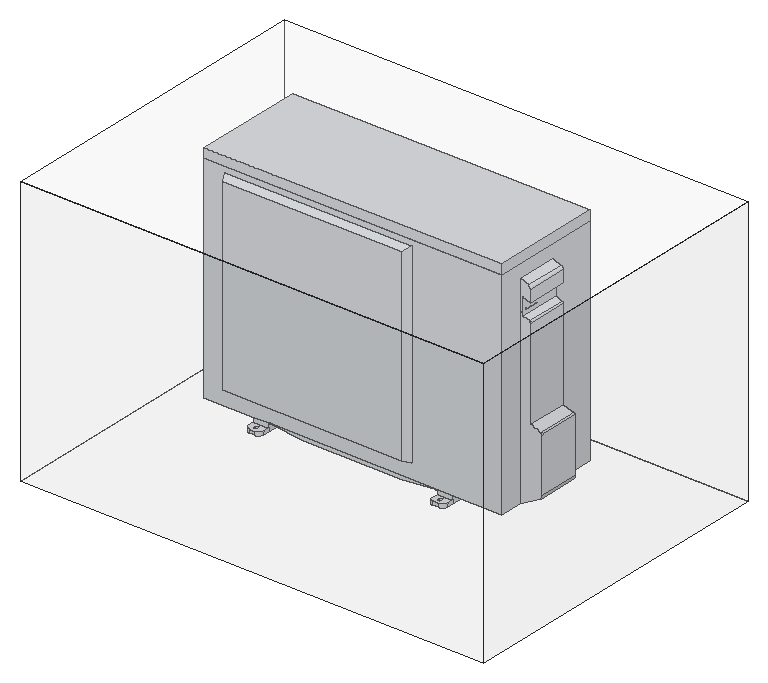
Revit family "puz-ermp40_63ska13_50hz", category 機械設備, Revit 2019 (continued)
Definition of nested family "PUZ-ZRMP-1"
  Lines and regions (mm)
    model lines, visible <- "タイプ3", not visible
      curve 342: line (-404.5, -100, 907) -> (-404.5, -60, 907)
      curve 343: line (-404.5, -100, 1097) -> (-404.5, -100, 907)
      curve 344: line (-404.5, -60, 1097) -> (-404.5, -100, 1097)
      curve 345: line (-404.5, -60, 907) -> (-404.5, -60, 1097)
      curve 346: line (-404.5, 60, 907) -> (-404.5, 100, 907)
      curve 347: line (-404.5, 60, 1097) -> (-404.5, 60, 907)
      curve 348: line (-404.5, 100, 1097) -> (-404.5, 60, 1097)
      curve 349: line (-404.5, 100, 907) -> (-404.5, 100, 1097)
      curve 350: line (-404.5, -46.667, 907) -> (-404.5, -6.667, 907)
      curve 351: line (-404.5, -46.667, 1097) -> (-404.5, -46.667, 907)
      curve 352: line (-404.5, -6.667, 1097) -> (-404.5, -46.667, 1097)
      curve 353: line (-404.5, -6.667, 907) -> (-404.5, -6.667, 1097)
      curve 354: line (-404.5, 6.667, 907) -> (-404.5, 46.667, 907)
      curve 355: line (-404.5, 6.667, 1097) -> (-404.5, 6.667, 907)
      curve 356: line (-404.5, 46.667, 1097) -> (-404.5, 6.667, 1097)
      curve 357: line (-404.5, 46.667, 907) -> (-404.5, 46.667, 1097)
      curve 358: line (-404.5, -100, 1112) -> (-404.5, -60, 1112)
      curve 359: line (-404.5, -100, 1302) -> (-404.5, -100, 1112)
      curve 360: line (-404.5, -60, 1302) -> (-404.5, -100, 1302)
      curve 361: line (-404.5, -60, 1112) -> (-404.5, -60, 1302)
      curve 362: line (-404.5, 60, 1112) -> (-404.5, 100, 1112)
      curve 363: line (-404.5, 60, 1302) -> (-404.5, 60, 1112)
      curve 364: line (-404.5, 100, 1302) -> (-404.5, 60, 1302)
      curve 365: line (-404.5, 100, 1112) -> (-404.5, 100, 1302)
      curve 366: line (-404.5, -46.667, 1112) -> (-404.5, -6.667, 1112)
      curve 367: line (-404.5, -46.667, 1302) -> (-404.5, -46.667, 1112)
      curve 368: line (-404.5, -6.667, 1302) -> (-404.5, -46.667, 1302)
      curve 369: line (-404.5, -6.667, 1112) -> (-404.5, -6.667, 1302)
      curve 370: line (-404.5, 6.667, 1112) -> (-404.5, 46.667, 1112)
      curve 371: line (-404.5, 6.667, 1302) -> (-404.5, 6.667, 1112)
      curve 372: line (-404.5, 46.667, 1302) -> (-404.5, 6.667, 1302)
      curve 373: line (-404.5, 46.667, 1112) -> (-404.5, 46.667, 1302)
    model lines, visible <- "タイプ2", not visible
      curve 374: line (-600, -100, 33.5) -> (-600, -60, 33.5)
      curve 375: line (-600, -100, 73.5) -> (-600, -100, 33.5)
      curve 376: line (-600, -60, 73.5) -> (-600, -100, 73.5)
      curve 377: line (-600, -60, 33.5) -> (-600, -60, 73.5)
      curve 378: line (-600, 60, 33.5) -> (-600, 100, 33.5)
      curve 379: line (-600, 60, 73.5) -> (-600, 60, 33.5)
      curve 380: line (-600, 100, 73.5) -> (-600, 60, 73.5)
      curve 381: line (-600, 100, 33.5) -> (-600, 100, 73.5)
      curve 382: line (-509, -46.667, 33.5) -> (-509, -6.667, 33.5)
      curve 383: line (-509, -46.667, 73.5) -> (-509, -46.667, 33.5)
      curve 384: line (-509, -6.667, 73.5) -> (-509, -46.667, 73.5)
      curve 385: line (-509, -6.667, 33.5) -> (-509, -6.667, 73.5)
      curve 386: line (-509, 6.667, 33.5) -> (-509, 46.667, 33.5)
      curve 387: line (-509, 6.667, 73.5) -> (-509, 6.667, 33.5)
      curve 388: line (-509, 46.667, 73.5) -> (-509, 6.667, 73.5)
      curve 389: line (-509, 46.667, 33.5) -> (-509, 46.667, 73.5)
      curve 483: line (-404.5, -100, 33.5) -> (-404.5, -60, 33.5)
      curve 484: line (-404.5, -100, 73.5) -> (-404.5, -100, 33.5)
      curve 485: line (-404.5, -60, 73.5) -> (-404.5, -100, 73.5)
      curve 486: line (-404.5, -60, 33.5) -> (-404.5, -60, 73.5)
      curve 487: line (-404.5, 60, 33.5) -> (-404.5, 100, 33.5)
      curve 488: line (-404.5, 60, 73.5) -> (-404.5, 60, 33.5)
      curve 489: line (-404.5, 100, 73.5) -> (-404.5, 60, 73.5)
      curve 490: line (-404.5, 100, 33.5) -> (-404.5, 100, 73.5)
      curve 491: line (-404.5, -46.667, 33.5) -> (-404.5, -6.667, 33.5)
      curve 492: line (-404.5, -46.667, 73.5) -> (-404.5, -46.667, 33.5)
      curve 493: line (-404.5, -6.667, 73.5) -> (-404.5, -46.667, 73.5)
      curve 494: line (-404.5, -6.667, 33.5) -> (-404.5, -6.667, 73.5)
      curve 495: line (-404.5, 6.667, 33.5) -> (-404.5, 46.667, 33.5)
      curve 496: line (-404.5, 6.667, 73.5) -> (-404.5, 6.667, 33.5)
      curve 497: line (-404.5, 46.667, 73.5) -> (-404.5, 6.667, 73.5)
      curve 498: line (-404.5, 46.667, 33.5) -> (-404.5, 46.667, 73.5)
    model lines, not visible
      curve 390: line (-404.5, -100, 87) -> (-404.5, -60, 87)
      curve 391: line (-404.5, -100, 277) -> (-404.5, -100, 87)
      curve 392: line (-404.5, -60, 277) -> (-404.5, -100, 277)
      curve 393: line (-404.5, -60, 87) -> (-404.5, -60, 277)
      curve 394: line (-404.5, -100, 292) -> (-404.5, -60, 292)
      curve 395: line (-404.5, -100, 482) -> (-404.5, -100, 292)
      curve 396: line (-404.5, -60, 482) -> (-404.5, -100, 482)
      curve 397: line (-404.5, -60, 292) -> (-404.5, -60, 482)
      curve 398: line (-404.5, -100, 497) -> (-404.5, -60, 497)
      curve 399: line (-404.5, -100, 687) -> (-404.5, -100, 497)
      curve 400: line (-404.5, -60, 687) -> (-404.5, -100, 687)
      curve 401: line (-404.5, -60, 497) -> (-404.5, -60, 687)
      curve 402: line (-404.5, -100, 702) -> (-404.5, -60, 702)
      curve 403: line (-404.5, -100, 892) -> (-404.5, -100, 702)
      curve 404: line (-404.5, -60, 892) -> (-404.5, -100, 892)
      curve 405: line (-404.5, -60, 702) -> (-404.5, -60, 892)
      curve 406: line (-404.5, 60, 87) -> (-404.5, 100, 87)
      curve 407: line (-404.5, 60, 277) -> (-404.5, 60, 87)
      curve 408: line (-404.5, 100, 277) -> (-404.5, 60, 277)
      curve 409: line (-404.5, 100, 87) -> (-404.5, 100, 277)
      curve 410: line (-404.5, -46.667, 87) -> (-404.5, -6.667, 87)
      curve 411: line (-404.5, -46.667, 277) -> (-404.5, -46.667, 87)
      curve 412: line (-404.5, -6.667, 277) -> (-404.5, -46.667, 277)
      curve 413: line (-404.5, -6.667, 87) -> (-404.5, -6.667, 277)
      curve 414: line (-404.5, 6.667, 87) -> (-404.5, 46.667, 87)
      curve 415: line (-404.5, 6.667, 277) -> (-404.5, 6.667, 87)
      curve 416: line (-404.5, 46.667, 277) -> (-404.5, 6.667, 277)
      curve 417: line (-404.5, 46.667, 87) -> (-404.5, 46.667, 277)
      curve 418: line (-404.5, 60, 292) -> (-404.5, 100, 292)
      curve 419: line (-404.5, 60, 482) -> (-404.5, 60, 292)
      curve 420: line (-404.5, 100, 482) -> (-404.5, 60, 482)
      curve 421: line (-404.5, 100, 292) -> (-404.5, 100, 482)
      curve 422: line (-404.5, 60, 702) -> (-404.5, 100, 702)
      curve 423: line (-404.5, 60, 892) -> (-404.5, 60, 702)
      curve 424: line (-404.5, 100, 892) -> (-404.5, 60, 892)
      curve 425: line (-404.5, 100, 702) -> (-404.5, 100, 892)
      curve 426: line (-404.5, -46.667, 292) -> (-404.5, -6.667, 292)
      curve 427: line (-404.5, -46.667, 482) -> (-404.5, -46.667, 292)
      curve 428: line (-404.5, -6.667, 482) -> (-404.5, -46.667, 482)
      curve 429: line (-404.5, -6.667, 292) -> (-404.5, -6.667, 482)
      curve 430: line (-404.5, -46.667, 497) -> (-404.5, -6.667, 497)
      curve 431: line (-404.5, -46.667, 687) -> (-404.5, -46.667, 497)
      curve 432: line (-404.5, -6.667, 687) -> (-404.5, -46.667, 687)
      curve 433: line (-404.5, -6.667, 497) -> (-404.5, -6.667, 687)
      curve 434: line (-404.5, -46.667, 702) -> (-404.5, -6.667, 702)
      curve 435: line (-404.5, -46.667, 892) -> (-404.5, -46.667, 702)
      curve 436: line (-404.5, -6.667, 892) -> (-404.5, -46.667, 892)
      curve 437: line (-404.5, -6.667, 702) -> (-404.5, -6.667, 892)
      curve 438: line (-404.5, 6.667, 292) -> (-404.5, 46.667, 292)
      curve 439: line (-404.5, 6.667, 482) -> (-404.5, 6.667, 292)
      curve 440: line (-404.5, 46.667, 482) -> (-404.5, 6.667, 482)
      curve 441: line (-404.5, 46.667, 292) -> (-404.5, 46.667, 482)
      curve 442: line (-404.5, 6.667, 497) -> (-404.5, 46.667, 497)
      curve 443: line (-404.5, 6.667, 687) -> (-404.5, 6.667, 497)
      curve 444: line (-404.5, 46.667, 687) -> (-404.5, 6.667, 687)
      curve 445: line (-404.5, 46.667, 497) -> (-404.5, 46.667, 687)
      curve 446: line (-404.5, 6.667, 702) -> (-404.5, 46.667, 702)
      curve 447: line (-404.5, 6.667, 892) -> (-404.5, 6.667, 702)
      curve 448: line (-404.5, 46.667, 892) -> (-404.5, 6.667, 892)
      curve 449: line (-404.5, 46.667, 702) -> (-404.5, 46.667, 892)
      curve 450: line (-338.5, -173.2, 372.5) -> (149.5, -173.2, 372.5)
      curve 451: line (149.5, -173.2, 277.5) -> (-338.5, -173.2, 277.5)
      curve 452: line (-338.5, -173.2, 467.5) -> (149.5, -173.2, 467.5)
      curve 453: line (-338.5, -173.2, 562.5) -> (149.5, -173.2, 562.5)
      curve 454: line (149.5, -173.2, 182.5) -> (-338.5, -173.2, 182.5)
      curve 455: line (149.5, -173.2, 87.5) -> (-338.5, -173.2, 87.5)
      curve 456: line (-321.071, -173.2, 579) -> (-321.071, -173.2, 71)
      curve 457: line (132.071, -173.2, 71) -> (132.071, -173.2, 579)
      curve 458: line (-303.643, -173.2, 579) -> (-303.643, -173.2, 71)
      curve 459: line (-286.214, -173.2, 579) -> (-286.214, -173.2, 71)
      curve 460: line (-268.786, -173.2, 579) -> (-268.786, -173.2, 71)
      curve 461: line (-251.357, -173.2, 579) -> (-251.357, -173.2, 71)
      curve 462: line (-233.929, -173.2, 579) -> (-233.929, -173.2, 71)
      curve 463: line (-216.5, -173.2, 579) -> (-216.5, -173.2, 71)
      curve 464: line (-199.071, -173.2, 579) -> (-199.071, -173.2, 71)
      curve 465: line (-181.643, -173.2, 579) -> (-181.643, -173.2, 71)
      curve 466: line (-164.214, -173.2, 579) -> (-164.214, -173.2, 71)
      curve 467: line (-146.786, -173.2, 579) -> (-146.786, -173.2, 71)
      curve 468: line (-129.357, -173.2, 579) -> (-129.357, -173.2, 71)
      curve 469: line (-111.929, -173.2, 579) -> (-111.929, -173.2, 71)
      curve 470: line (-94.5, -173.2, 579) -> (-94.5, -173.2, 71)
      curve 471: line (-77.071, -173.2, 579) -> (-77.071, -173.2, 71)
      curve 472: line (-59.643, -173.2, 579) -> (-59.643, -173.2, 71)
      curve 473: line (-42.214, -173.2, 579) -> (-42.214, -173.2, 71)
      curve 474: line (-24.786, -173.2, 579) -> (-24.786, -173.2, 71)
      curve 475: line (-7.357, -173.2, 579) -> (-7.357, -173.2, 71)
      curve 476: line (10.071, -173.2, 579) -> (10.071, -173.2, 71)
      curve 477: line (27.5, -173.2, 579) -> (27.5, -173.2, 71)
      curve 478: line (44.929, -173.2, 579) -> (44.929, -173.2, 71)
      curve 479: line (62.357, -173.2, 579) -> (62.357, -173.2, 71)
      curve 480: line (79.786, -173.2, 579) -> (79.786, -173.2, 71)
      curve 481: line (97.214, -173.2, 579) -> (97.214, -173.2, 71)
      curve 482: line (114.643, -173.2, 579) -> (114.643, -173.2, 71)
    symbolic lines, visible <- "タイプ1"
      curve 499: line (-278.151, 150, 630) -> (-404.5, 150, 630)
      curve 500: line (-404.5, 150, 630) -> (-404.5, -5.599, 630)
      curve 501: line (-404.5, 40, 630) -> (-424.5, 30, 630)
      curve 502: line (-424.5, 30, 630) -> (-424.5, -30, 630)
      curve 503: line (-424.5, -30, 630) -> (-404.5, -40, 630)
      curve 504: line (-404.5, -5.599, 630) -> (-404.5, -150, 630)
      curve 505: line (-404.5, -150, 630) -> (-301.612, -150, 630)
      curve 506: arc (-272.806, -170, 630) -> (-268.124, -177.204, 630) -> (-260, -180, 630) r 13.2
      curve 507: line (-260, -180, 630) -> (-243.332, -180, 630)
      curve 508: arc (-243.332, -180, 630) -> (-235.208, -177.204, 630) -> (-230.526, -170, 630) r 13.2
      curve 509: line (-301.612, -150, 630) -> (280.999, -150, 630)
      curve 510: line (230, -150, 630) -> (230, -170, 630)
      curve 511: arc (230, -170, 630) -> (232.929, -177.071, 630) -> (240, -180, 630) r 10
      curve 512: line (240, -180, 630) -> (256.8, -180, 630)
      curve 513: arc (256.8, -180, 630) -> (266.134, -176.134, 630) -> (270, -166.8, 630) r 13.2
      curve 514: line (270, -166.8, 630) -> (270, -150, 630)
      curve 515: line (280.999, -150, 630) -> (404.5, -150, 630)
      curve 516: line (404.5, -150, 630) -> (404.5, -77.105, 630)
      curve 517: line (404.5, -90, 630) -> (466.5, -90, 630)
      curve 518: line (466.5, -90, 630) -> (466.5, 20, 630)
      curve 519: line (466.5, 20, 630) -> (404.5, 20, 630)
      curve 520: line (404.5, -77.105, 630) -> (404.5, 150, 630)
      curve 521: line (404.5, 150, 630) -> (308.975, 150, 630)
      curve 522: line (270, 150, 630) -> (270, 180, 630)
      curve 523: line (270, 180, 630) -> (230, 180, 630)
      curve 524: line (230, 180, 630) -> (230, 150, 630)
      curve 525: line (308.975, 150, 630) -> (-278.151, 150, 630)
      curve 526: line (-230, 150, 630) -> (-230, 180, 630)
      curve 527: line (-230, 180, 630) -> (-270, 180, 630)
      curve 528: line (-270, 180, 630) -> (-270, 150, 630)
      curve 529: line (-324.5, 100, 630) -> (324.5, 100, 630)
      curve 530: line (-324.5, 40, 630) -> (-324.5, 100, 630)
      curve 531: line (324.5, 40, 630) -> (-324.5, 40, 630)
      curve 532: line (324.5, 100, 630) -> (324.5, 40, 630)
      curve 533: line (324.5, 30, 630) -> (-324.5, 30, 630)
      curve 534: line (324.5, -30, 630) -> (324.5, 30, 630)
      curve 535: line (-324.5, -30, 630) -> (324.5, -30, 630)
      curve 536: line (-324.5, 30, 630) -> (-324.5, -30, 630)
      curve 537: line (-324.5, -40, 630) -> (324.5, -40, 630)
      curve 538: line (-324.5, -100, 630) -> (-324.5, -40, 630)
      curve 539: line (324.5, -100, 630) -> (-324.5, -100, 630)
      curve 540: line (324.5, -40, 630) -> (324.5, -100, 630)
      curve 541: line (339.5, 100, 630) -> (354.5, 100, 630)
      curve 542: line (339.5, -100, 630) -> (339.5, 100, 630)
      curve 543: line (354.5, -100, 630) -> (339.5, -100, 630)
      curve 544: line (354.5, 100, 630) -> (354.5, -100, 630)
      curve 545: line (-354.5, 100, 630) -> (-339.5, 100, 630)
      curve 546: line (-354.5, -100, 630) -> (-354.5, 100, 630)
      curve 547: line (-339.5, -100, 630) -> (-354.5, -100, 630)
      curve 548: line (-339.5, 100, 630) -> (-339.5, -100, 630)
      curve 549: line (-338.5, -170, 630) -> (149.5, -170, 630)
      curve 550: line (149.5, -170, 630) -> (159.5, -150, 630)
      curve 551: line (-348.5, -150, 630) -> (-338.5, -170, 630)
  Dimensions and locks
    equal spacing: plane 8, plane 1 "中心(正面/背面)", plane 7
    "奥行き": plane 8 to plane 7
    equal spacing: plane 5, plane 3 "中心(左/右)", plane 6
    "幅さ": plane 5 to plane 6
    "高さ": plane 4 to level
    locked: plane 6 to plane 9 at 62
    locked: plane 8 to plane 10 at 60
    locked: plane 8 to plane 11 at 170
    locked: plane 4 to plane 12 at 25
    locked: plane 13 to plane 5 at 20
    "吊りボルト-D": plane 17 to plane 16
    equal spacing: plane 17, plane 1 "中心(正面/背面)", plane 16
    equal spacing: plane 14, plane 3 "中心(左/右)", plane 15
    "吊りボルト-W": plane 14 to plane 15
    plane 21 to plane 14 to plane 20 = 20 mm locked, 20 mm locked
    plane 19 to plane 15 to plane 18 = 20 mm locked, 20 mm locked
    locked: plane 16 to plane 22 at 15
    locked: plane 23 to plane 17 at 15
    locked: plane 24 to level at 8.5
    locked: plane 25 to level at 20
    locked: plane 26 to plane 24 at 3
    locked: plane 4 to plane 29 at 5
    plane 7 to plane 1 "中心(正面/背面)" to plane 8 = 150 mm, 150 mm
    plane 31 to plane 1 "中心(正面/背面)" to plane 30 = 40 mm locked, 40 mm locked
    plane 33 to plane 1 "中心(正面/背面)" to plane 32 = 30 mm locked, 30 mm locked
    locked: plane 34 to plane 12 at 5
    locked: plane 35 to level at 55
    locked: plane 36 to level at 225
    equal spacing: plane 6, plane 39, plane 9
    locked: plane 6 to plane 38 at 10
    locked: plane 20 to plane 27 at 95
    locked: plane 28 to plane 19 at 95
    "換気-D": plane 40 to plane 8
    "換気-W": plane 41 to plane 5
    "換気-H1": plane 42 to level
    plane 43 to plane 41 to plane 44 = 254 mm locked, 254 mm locked
    plane 45 to plane 42 to plane 46 = 264 mm locked, 264 mm locked
    locked: plane 43 to plane 48 at 10
    locked: plane 47 to plane 44 at 10
    locked: plane 45 to plane 49 at 10
    locked: plane 50 to plane 46 at 10
    locked: curve 26 to plane 50 at 16.5
    locked: plane 49 to curve 24 at 16.5
    equal spacing: curve 24, curve 23, curve 21, curve 22, curve 25, curve 26
    equal spacing: plane 48, curve 28, curve 53, curve 52, curve 51, curve 50, curve 49, curve 48, curve 47, curve 46, curve 45, curve 44, curve 43, curve 42, curve 41, curve 40, curve 39, curve 38, curve 37, curve 36, curve 35, curve 34, curve 33, curve 32, curve 31, curve 30, curve 29, curve 27, plane 47
    locked: curve 4 to curve 6 at 10
    locked: curve 3 to curve 5 at 10
    locked: plane 51 to plane 7 at 50
    locked: plane 8 to plane 52 at 50
    equal spacing: group 1, group 2, group 3, group 4, group 5, group 6, group 7, group 8, group 9, group 10, group 11, group 12, group 13, group 14, group 15, group 16, group 17, group 18  (x2)
    equal spacing: group 18, group 17, group 16, group 15, group 14, group 13, group 12, group 11, group 10, group 9, group 8, group 7, group 6, group 5, group 4, group 3, group 2, group 1
    "ドレン管径-X": plane 5 to plane 53
    "ドレン管径-Y": plane 8 to plane 54
    "配線取出口-Y": plane 57 to plane 7
    "冷媒液管径-Y": plane 58 to plane 7
    "冷媒ガス管径-Y": plane 59 to plane 7
    "配線取出口-X": plane 3 "中心(左/右)" to plane 56
    "冷媒ガス管径-X": plane 3 "中心(左/右)" to plane 55
    "冷媒液管径-X": plane 3 "中心(左/右)" to plane 60
    "冷媒液管径-Z": plane 62 to level
    "冷媒ガス管径-Z": plane 61 to level
    "配線取出口-Z": plane 63 to level
    locked: plane 57 to plane 64 at 50
    locked: plane 65 to plane 61 at 37.8
    locked: plane 66 to plane 62 at 16.1
    equal spacing: plane 55, plane 67, plane 60
    equal spacing: plane 58, plane 68, plane 59
    "a": plane 69 "グループ" to plane 3 "中心(左/右)"
    plane 71 to level = 943 mm
    plane 70 to level = 1338 mm
    locked: plane 37 to level at 570
    curve 21 to plane 42 to curve 22 = 47.5 mm locked, 47.5 mm locked
    "換気-H2": plane 72 to plane 42
    plane 73 to plane 72 to plane 74 = 264 mm locked, 264 mm locked
    locked: plane 76 to plane 74 at 10
    locked: plane 73 to plane 75 at 10
    plane 48 to plane 47 = 488 mm
    plane 68 to plane 7 = 185.5 mm
    plane 61 to level = 99.5 mm
    plane 65 to plane 61 = 37.8 mm
    plane 62 to level = 164.5 mm
    plane 66 to plane 62 = 16.1 mm
    plane 68 to plane 77 to plane 78 = 23 mm locked, 17.5 mm locked
    plane 68 to plane 77 = 23 mm
    plane 77 to plane 78 = 17.5 mm
    equal spacing: plane 77, plane 79, plane 78
    "ドレン配管サイズ": diameter of Extrusion 3 sketch curve
    "配線取出口サイズ": diameter of Extrusion 9 sketch curve
    "吊りボルト-φ": diameter of Extrusion 10 sketch curve  (x4)
    "冷媒配管サイズ": diameter of Sweep 11 sketch curve
    "ガス配管サイズ": diameter of Sweep 12 sketch curve
    aligned and locked: level to plane 2
    aligned and locked: Extrusion 1 to level
    aligned and locked: plane 25 to Extrusion 1
    aligned and locked: Extrusion 2 sketch curve to plane 25
    aligned and locked: Extrusion 2 sketch curve to plane 26
    aligned and locked: Extrusion 2 to plane 7
    aligned and locked: plane 8 to Extrusion 2
    aligned and locked: Extrusion 3 to plane 26
    aligned and locked: Extrusion 3 to plane 24
    aligned and locked: Extrusion 4 sketch curve to plane 7
    aligned and locked: Extrusion 4 sketch curve to plane 8
    aligned and locked: Extrusion 4 sketch curve to plane 5
    aligned and locked: Extrusion 4 sketch curve to plane 6
    aligned and locked: Extrusion 4 to plane 25
    aligned and locked: plane 12 to Extrusion 4
    aligned and locked: Extrusion 5 sketch curve to Extrusion 4  (x4)
    aligned and locked: Extrusion 5 to plane 12
    aligned and locked: plane 4 to Extrusion 5
    aligned and locked: plane 29 to Blend 6 sketch curve
    aligned and locked: Blend 6 sketch curve to plane 31
    aligned and locked: Blend 6 sketch curve to plane 12  (x2)
    aligned and locked: plane 30 to Blend 6 sketch curve
    aligned and locked: plane 34 to Blend 6 sketch curve
    aligned and locked: Blend 6 sketch curve to plane 33
    aligned and locked: plane 32 to Blend 6 sketch curve
    aligned and locked: Blend 6 to plane 13
    aligned and locked: plane 5 to Blend 6
    aligned and locked: Extrusion 7 sketch curve to plane 6
    aligned and locked: Extrusion 7 sketch curve to plane 9
    aligned and locked: Extrusion 7 sketch curve to plane 39
    aligned and locked: Extrusion 7 sketch curve to Extrusion 7 sketch curve
    aligned and locked: Extrusion 7 sketch curve to plane 38
    aligned and locked: Extrusion 7 to plane 11
    aligned and locked: plane 10 to Extrusion 7
    aligned and locked: Blend 8 sketch curve to plane 45
    aligned and locked: Blend 8 sketch curve to plane 46
    aligned and locked: Blend 8 sketch curve to plane 44
    aligned and locked: Blend 8 sketch curve to plane 43
    aligned and locked: Blend 8 sketch curve to plane 49
    aligned and locked: Blend 8 sketch curve to plane 47
    aligned and locked: Blend 8 sketch curve to plane 48
    aligned and locked: Blend 8 sketch curve to plane 50
    aligned and locked: Blend 8 to plane 8
    aligned and locked: plane 40 to Blend 8
    aligned and locked: curve 17 to plane 51
    aligned and locked: curve 1 to plane 51
    aligned and locked: plane 51 to curve 19
    aligned and locked: curve 18 to plane 52
    aligned and locked: plane 52 to curve 2
    aligned and locked: plane 52 to curve 20
    aligned and locked: plane 53 to Extrusion 3 sketch curve
    aligned and locked: plane 54 to Extrusion 3 sketch curve
    aligned and locked: plane 63 to Extrusion 9 sketch curve
    aligned and locked: plane 56 to Extrusion 9 sketch curve
    aligned and locked: plane 57 to Extrusion 9
    aligned and locked: Extrusion 9 to plane 64
    aligned and locked: plane 22 to Extrusion 10 sketch curve  (x4)
    aligned and locked: plane 21 to Extrusion 10 sketch curve
    aligned and locked: Extrusion 2 to Extrusion 10 sketch curve  (x2)
    aligned and locked: Extrusion 10 sketch curve to Extrusion 1  (x6)
    aligned and locked: plane 19 to Extrusion 10 sketch curve
    aligned and locked: Extrusion 10 sketch curve to plane 23  (x2)
    aligned and locked: Extrusion 10 sketch curve to plane 18
    aligned and locked: Extrusion 10 sketch curve to plane 20
    aligned and locked: plane 16 to Extrusion 10 sketch curve  (x2)
    aligned and locked: plane 14 to Extrusion 10 sketch curve  (x2)
    aligned and locked: plane 17 to Extrusion 10 sketch curve  (x2)
    aligned and locked: plane 15 to Extrusion 10 sketch curve  (x2)
    aligned and locked: level to Extrusion 10
    aligned and locked: plane 24 to Extrusion 10
    aligned and locked: Masking region 1 sketch curve to Extrusion 5  (x4)
    aligned and locked: Masking region 1 sketch curve to Blend 6  (x3)
    aligned and locked: Masking region 1 sketch curve to Extrusion 7  (x2)
    aligned and locked: Masking region 1 sketch curve to plane 9
    aligned and locked: Masking region 1 sketch curve to Extrusion 10  (x8)
    aligned and locked: Masking region 1 to curve 499
    aligned and locked: curve 500 to Masking region 1
    aligned and locked: curve 501 to Masking region 1
    aligned and locked: curve 502 to Masking region 1
    aligned and locked: curve 503 to Masking region 1
    aligned and locked: curve 504 to Masking region 1
    aligned and locked: curve 505 to Masking region 1
    aligned and locked: curve 506 to Masking region 1
    aligned and locked: curve 508 to Masking region 1
    aligned and locked: curve 510 to Masking region 1
    aligned and locked: curve 511 to Masking region 1
    aligned and locked: curve 513 to Masking region 1
    aligned and locked: Masking region 1 to curve 515
    aligned and locked: curve 516 to Masking region 1
    aligned and locked: curve 517 to Masking region 1
    aligned and locked: curve 518 to Masking region 1
    aligned and locked: curve 519 to Masking region 1
    aligned and locked: curve 520 to Masking region 1
    aligned and locked: curve 521 to Masking region 1
    aligned and locked: curve 522 to Masking region 1
    aligned and locked: curve 523 to Masking region 1
    aligned and locked: curve 524 to Masking region 1
    aligned and locked: curve 525 to Masking region 1
    aligned and locked: curve 526 to Masking region 1
    aligned and locked: curve 527 to Masking region 1
    aligned and locked: curve 528 to Masking region 1
    aligned and locked: curve 532 to curve 12
    aligned and locked: Masking region 1 sketch curve to curve 21
    aligned and locked: Masking region 1 sketch curve to Blend 8  (x2)
    aligned and locked: curve 549 to Blend 8
    aligned and locked: curve 550 to Blend 8
    aligned and locked: curve 551 to Blend 8
    aligned and locked: plane 78 to Sweep 12 sketch curve
    aligned and locked: plane 58 to Sweep 12 sketch curve
    aligned and locked: plane 77 to Sweep 11 sketch curve
    aligned and locked: plane 58 to Sweep 11 sketch curve
    aligned and locked: plane 61 to Sweep 12 sketch curve
  Automatic sketch dimensions
    Extrusion 2 sketch curve to plane 20 = 0 mm
    Extrusion 2 sketch curve to plane 27 = 0 mm
    Extrusion 2 sketch curve to plane 28 = 0 mm
    Extrusion 2 sketch curve to plane 19 = 0 mm
    Extrusion 7 sketch curve to plane 39 = 0 mm
    Extrusion 7 sketch curve to plane 25 = 0 mm
    Extrusion 7 sketch curve to plane 36 = 0 mm
    Extrusion 7 sketch curve to plane 37 = 0 mm
    Extrusion 7 sketch curve to Extrusion 7 sketch curve = 10 mm
    Extrusion 7 sketch curve to plane 39 = 6.58 mm
    Extrusion 7 sketch curve to Extrusion 7 sketch curve = 5 mm  (x2)
    plane 39 to Extrusion 7 sketch curve = 21 mm
    Extrusion 7 sketch curve to plane 39 = 3.29 mm
    Extrusion 7 sketch curve to plane 9 = 3.29 mm
    Extrusion 7 sketch curve to plane 35 = 2.87 mm
    Extrusion 7 sketch curve to Extrusion 7 sketch curve = 81.633 mm
    Extrusion 7 sketch curve to Extrusion 7 sketch curve = 30.244 mm
    Extrusion 7 sketch curve to Extrusion 7 sketch curve = 7.643 mm
    plane 7 to Extrusion 1 sketch curve = 0 mm  (x2)
    Extrusion 1 sketch curve to plane 18 = 0 mm
    plane 8 to Extrusion 1 sketch curve = 0 mm  (x2)
    Extrusion 1 sketch curve to plane 19 = 0 mm
    Extrusion 1 sketch curve to plane 20 = 0 mm
    Extrusion 1 sketch curve to plane 21 = 0 mm
    curve 383 to curve 384 = 40 mm
    curve 382 to curve 386 = 13.333 mm
    curve 386 to curve 386 = 40 mm
    curve 382 to curve 389 = 0 mm
    curve 382 to curve 384 = 40 mm
    curve 384 to curve 387 = 0 mm
    curve 375 to curve 376 = 40 mm
    curve 374 to curve 378 = 120 mm
    curve 378 to curve 378 = 40 mm
    curve 374 to curve 381 = 0 mm
    curve 374 to curve 376 = 40 mm
    curve 378 to curve 379 = 40 mm
    curve 25 to plane 47 = 0 mm
    curve 24 to plane 47 = 0 mm
    curve 22 to plane 47 = 0 mm
    curve 23 to plane 47 = 0 mm
    curve 26 to plane 47 = 0 mm
    curve 21 to plane 47 = 0 mm
    curve 24 to plane 48 = 0 mm
    curve 25 to plane 48 = 0 mm
    curve 26 to plane 48 = 0 mm
    curve 23 to plane 48 = 0 mm
    curve 22 to plane 48 = 0 mm
    curve 21 to plane 48 = 0 mm
    curve 37 to plane 50 = 0 mm
    curve 52 to plane 50 = 0 mm
    curve 51 to plane 50 = 0 mm
    curve 50 to plane 50 = 0 mm
    curve 49 to plane 50 = 0 mm
    curve 48 to plane 50 = 0 mm
    curve 47 to plane 50 = 0 mm
    curve 46 to plane 50 = 0 mm
    curve 45 to plane 50 = 0 mm
    curve 44 to plane 50 = 0 mm
    curve 43 to plane 50 = 0 mm
    curve 42 to plane 50 = 0 mm
    curve 41 to plane 50 = 0 mm
    curve 27 to plane 50 = 0 mm
    curve 28 to plane 50 = 0 mm
    curve 40 to plane 50 = 0 mm
    curve 39 to plane 50 = 0 mm
    curve 29 to plane 50 = 0 mm
    curve 38 to plane 50 = 0 mm
    curve 30 to plane 50 = 0 mm
    curve 53 to plane 50 = 0 mm
    curve 31 to plane 50 = 0 mm
    curve 36 to plane 50 = 0 mm
    curve 32 to plane 50 = 0 mm
    curve 35 to plane 50 = 0 mm
    curve 33 to plane 50 = 0 mm
    curve 34 to plane 50 = 0 mm
    curve 28 to plane 49 = 0 mm
    curve 41 to plane 49 = 0 mm
    curve 27 to plane 49 = 0 mm
    curve 42 to plane 49 = 0 mm
    curve 31 to plane 49 = 0 mm
    curve 40 to plane 49 = 0 mm
    curve 37 to plane 49 = 0 mm
    curve 39 to plane 49 = 0 mm
    curve 32 to plane 49 = 0 mm
    curve 45 to plane 49 = 0 mm
    curve 36 to plane 49 = 0 mm
    curve 46 to plane 49 = 0 mm
    curve 43 to plane 49 = 0 mm
    curve 47 to plane 49 = 0 mm
    curve 29 to plane 49 = 0 mm
    curve 48 to plane 49 = 0 mm
    curve 30 to plane 49 = 0 mm
    curve 49 to plane 49 = 0 mm
    curve 44 to plane 49 = 0 mm
    curve 50 to plane 49 = 0 mm
    curve 33 to plane 49 = 0 mm
    curve 51 to plane 49 = 0 mm
    curve 35 to plane 49 = 0 mm
    curve 52 to plane 49 = 0 mm
    curve 38 to plane 49 = 0 mm
    curve 53 to plane 49 = 0 mm
    curve 34 to plane 49 = 0 mm
    Masking region 1 sketch curve to plane 5 = 0 mm
    Masking region 1 sketch curve to plane 6 = 0 mm
    plane 7 to Masking region 1 sketch curve = 0 mm  (x2)
    Masking region 1 sketch curve to plane 15 = 10 mm
    Masking region 1 sketch curve to plane 19 = 0 mm
    plane 8 to Masking region 1 sketch curve = 0 mm  (x2)
    plane 32 to curve 535 = 0 mm
    plane 33 to curve 534 = 0 mm
    curve 541 to plane 56 = 45.5 mm
    curve 13 to curve 20 = 15 mm
    plane 18 to curve 535 = 54.5 mm
    curve 532 to curve 6 = 0 mm
    curve 537 to curve 5 = 0 mm
    plane 47 to curve 536 = 14 mm
    plane 47 to curve 538 = 14 mm
    plane 47 to curve 1 = 14 mm
    curve 16 to plane 47 = 1 mm
    curve 15 to plane 44 = 6 mm
    plane 1 "中心(正面/背面)" to curve 504 = 5.599 mm
    curve 528 to curve 499 = 8.151 mm
    curve 521 to curve 522 = 38.975 mm
    curve 516 to plane 10 = 12.895 mm
    curve 515 to curve 514 = 10.999 mm
    plane 40 to Masking region 1 sketch curve = 0 mm
    Masking region 1 sketch curve to plane 40 = 3.2 mm  (x2)
    Masking region 1 sketch curve to plane 14 = 10 mm
    Masking region 1 sketch curve to plane 20 = 0.526 mm
    curve 509 to plane 21 = 31.612 mm
    Sweep 12 sketch curve to plane 65 = 0 mm
    Sweep 11 sketch curve to plane 62 = 0 mm
    Sweep 11 sketch curve to plane 66 = 0 mm
    plane 40 to Extrusion 10 sketch curve = 0 mm
    plane 17 to Extrusion 10 sketch curve = 0 mm  (x2)
    Extrusion 10 sketch curve to Extrusion 10 sketch curve = 1.8 mm  (x3)
    plane 17 to Extrusion 10 sketch curve = 1.8 mm  (x2)
    Extrusion 10 sketch curve to Extrusion 10 sketch curve = 0 mm
    Sweep 11 sketch curve to plane 67 = 0 mm
    Sweep 11 sketch curve to profile plane = 0 mm
    Sweep 12 sketch curve to plane 67 = 0 mm
    Sweep 12 sketch curve to profile plane = 0 mm
Definition of nested family "固定点"
  Parameters (values of type "固定点")
    中心円 = if(W > 599 mm, 12 mm, 10 mm)  # 12 mm
    W = 1000 mm
    D = 1000 mm
  Reference planes
    plane 1 "中心(正面/背面)": y = 0
    plane 2: z = 0
    plane 3 "中心(左/右)": x = 0
    plane 4: x = 1000
    plane 5: y = 1000
  Lines and regions (mm)
    symbolic lines, detail levels fine
      curve 1: circle (0, 1000, 0) r 6 normal (0, 0, 1)
      curve 2: circle (0, 0, 0) r 6 normal (0, 0, 1)
      curve 3: circle (1000, 1000, 0) r 6 normal (0, 0, 1)
      curve 4: circle (1000, 0, 0) r 6 normal (0, 0, 1)
      curve 5: line (-200, 1000, 0) -> (1200, 1000, 0)
      curve 6: line (-200, 0, 0) -> (1200, 0, 0)
      curve 7: line (0, 1200, 0) -> (0, -200, 0)
      curve 8: line (1000, 1200, 0) -> (1000, -200, 0)
  Dimensions and locks
    "W": plane 3 "中心(左/右)" to plane 4
    "D": plane 1 "中心(正面/背面)" to plane 5
    "中心円": diameter of curve 1
    "中心円": diameter of curve 2
    "中心円": diameter of curve 3
    "中心円": diameter of curve 4
    aligned and locked: level to plane 2
    aligned and locked: plane 5 to curve 1
    aligned and locked: plane 3 "中心(左/右)" to curve 1
    aligned and locked: plane 3 "中心(左/右)" to curve 2
    aligned and locked: plane 1 "中心(正面/背面)" to curve 2
    aligned and locked: plane 4 to curve 3
    aligned and locked: plane 5 to curve 3
    aligned and locked: plane 1 "中心(正面/背面)" to curve 4
    aligned and locked: plane 4 to curve 4
    aligned and locked: plane 1 "中心(正面/背面)" to curve 6
    aligned and locked: curve 7 to plane 3 "中心(左/右)"
    aligned and locked: curve 8 to plane 4
  Automatic sketch dimensions
    curve 5 to plane 5 = 0 mm
    curve 6 to plane 3 "中心(左/右)" = 200 mm
    curve 5 to plane 3 "中心(左/右)" = 200 mm
    curve 4 to curve 6 = 200 mm
    curve 3 to curve 5 = 200 mm
    plane 1 "中心(正面/背面)" to curve 8 = 200 mm
    plane 1 "中心(正面/背面)" to curve 7 = 200 mm
    curve 3 to curve 8 = 200 mm
    curve 1 to curve 7 = 200 mm
Types (10, lengths in mm): name | 音響パワーレベル（冷）(dB) | 音響パワーレベル(dB) | 電動機出力_圧縮機 | 質量 | 製品質量 | 相 | 構成品番 | 極数 | 暖房能力 | 推奨ブレーカー容量 | 冷房能力
  室外機_PUZ-ERMP40SKA13 (-BS,BSG) | 64 | 66 | 0.6 kW | 51.60 kg | 43.00 kg | 1 | "PUZ-ERMP40SKA13v (-BS,-BSG)" | 1 | 4 kW | 20 A | 3.6 kW
  室外機_PUZ-ERMP40KA13 (-BS,BSG) | 64 | 66 | 0.6 kW | 49.20 kg | 41.00 kg | 3 | "PUZ-ERMP40KA13 (-BS,-BSG)" | 3 | 4 kW | 15 A | 3.6 kW
  室外機_PUZ-ERMP45SKA13 (-BS,BSG) | 64 | 66 | 0.7 kW | 51.60 kg | 43.00 kg | 1 | "PUZ-ERMP45SKA13 (-BS,-BSG)" | 1 | 4.5 kW | 20 A | 4 kW
  室外機_PUZ-ERMP45KA13 (-BS,BSG) | 64 | 66 | 0.7 kW | 49.20 kg | 41.00 kg | 3 | "PUZ-ERMP45KA13 (-BS,-BSG)" | 3 | 4.5 kW | 15 A | 4 kW
  室外機_PUZ-ERMP50SKA13 (-BS,BSG) | 65 | 67 | 0.8 kW | 51.60 kg | 43.00 kg | 1 | "PUZ-ERMP50SKA13 (-BS,-BSG)" | 1 | 5 kW | 20 A | 4.5 kW
  室外機_PUZ-ERMP50KA13 (-BS,BSG) | 65 | 67 | 0.8 kW | 49.20 kg | 41.00 kg | 3 | "PUZ-ERMP50KA13 (-BS,-BSG)" | 3 | 5 kW | 15 A | 4.5 kW
  室外機_PUZ-ERMP56SKA13 (-BS,BSG) | 65 | 67 | 1 kW | 51.60 kg | 43.00 kg | 1 | "PUZ-ERMP56SKA13 (-BS,-BSG)" | 1 | 5.6 kW | 20 A | 5 kW
  室外機_PUZ-ERMP56KA13 (-BS,BSG) | 65 | 67 | 1 kW | 49.20 kg | 41.00 kg | 3 | "PUZ-ERMP56KA13 (-BS,-BSG)" | 3 | 5.6 kW | 15 A | 5 kW
  室外機_PUZ-ERMP63SKA13 (-BS,BSG) | 65 | 67 | 1.3 kW | 51.60 kg | 43.00 kg | 1 | "PUZ-ERMP63SKA13 (-BS,-BSG)" | 1 | 6.3 kW | 30 A | 5.6 kW
  室外機_PUZ-ERMP63KA13 (-BS,BSG) | 65 | 67 | 1.3 kW | 50.40 kg | 42.00 kg | 3 | "PUZ-ERMP63KA13 (-BS,-BSG)" | 3 | 6.3 kW | 15 A | 5.6 kW
